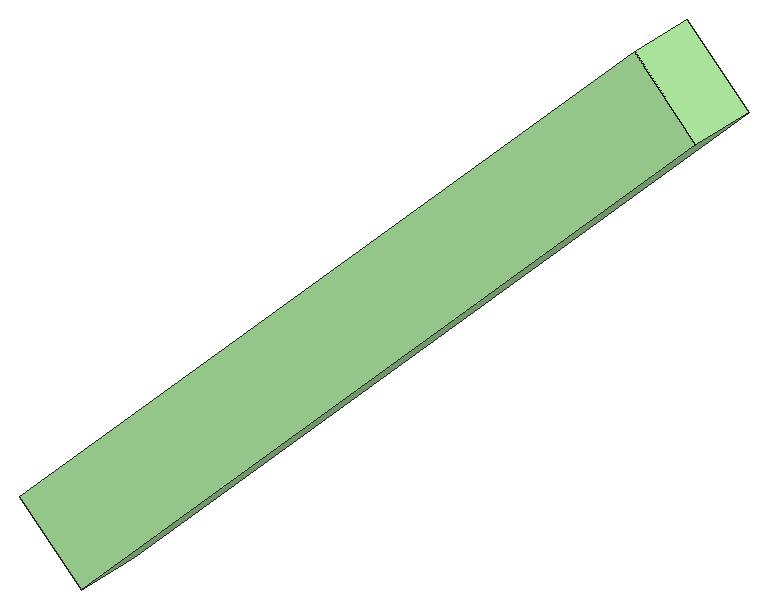
Revit family "ダクトサポート_不等辺山形鋼", category Generic Models, Revit 2023
Family settings
  Can host rebar = No
  Round Connector Dimension = Use Diameter
  Part Type = Normal
  Work Plane-Based = Yes
  Always vertical = No
  Cut with Voids When Loaded = No
  Maintain Annotation Orientation = No
  Shared = No
  Room Calculation Point = No
Parameters (values of type "L 100 x 75")
  高さ = 100 mm
  長辺 [instance] = 長さ  # 1000 mm
  長さ [instance] = 1000 mm
  部屋名 = ""
  角度 [instance] = 45.00°
  Default Elevation = 1219.2 mm
  構造マテリアル = E202_ダクトサポート
  幅 = 75 mm
Types (6, lengths in mm): name | 高さ | 幅
  L 100 x 75 | 100 | 75
  L 125 x 75 | 125 | 75
  L 125 x 90 | 125 | 90
  L 150 x 100 | 150 | 100
  L 150 x 90 | 150 | 90
  L 90 x 75 | 90 | 75
Reference planes
  plane 1 "中心(正面/背面)": y = 0
  plane 2: z = 0
  plane 3 "中心(左/右)": x = 0
Lines and regions (mm)
  reference lines
    curve 1: line (0, 0, 0) -> (848.528, 0, 848.528)
    curve 2: line (35.355, 0, -35.355) -> (-35.355, 0, 35.355)
    curve 3: line (742.462, 0, 671.751) -> (671.751, 0, 742.462)
Dimensions and locks
  equal spacing: curve 2, curve 1, curve 2
  "高さ": curve 2 to curve 2
  equal spacing: curve 3, curve 1, curve 3
  "高さ": curve 3 to curve 3
  "長さ": curve 2 to curve 3
  "角度": angle level to curve 1
  angle curve 2 to curve 1 = 90.00°
  angle curve 3 to curve 1 = 90.00°
  aligned and locked: level to plane 2
  aligned and locked: level to curve 1
  aligned and locked: plane 3 "中心(左/右)" to curve 1
  aligned and locked: curve 2 to nested 1
  aligned and locked: nested 1 to curve 1
Nested families
  nested 1: "グレーチング_不等辺山形鋼" at (-35.355, 0, 35.355) x (0, 1, 0) z (0.7071, 0, -0.7071), 長さ <- "長さ", type "L 90 x 75"
    with 長辺 1000 mm, 長さ 1000 mm, 高さ 100 mm
Definition of nested family "グレーチング_不等辺山形鋼"
  Parameters (values of type "L 125 x 75")
    高さ = 125 mm
    長辺 [instance] = 長さ  # 1000 mm
    長さ [instance] = 1000 mm
    部屋名 = ""
    Default Elevation = 1219.2 mm
    構造マテリアル = none
    幅 = 75 mm
  Types (6, lengths in mm): name | 高さ | 幅
    L 90 x 75 | 90 | 75
    L 100 x 75 | 100 | 75
    L 125 x 75 | 125 | 75
    L 125 x 90 | 125 | 90
    L 150 x 90 | 150 | 90
    L 150 x 100 | 150 | 100
  Reference planes
    plane 1 "中心(正面/背面)": y = 0
    plane 2: z = 0
    plane 3 "中心(左/右)": x = 0
    plane 4: z = 125
    plane 5: z = 62.5
  Forms (mm)
    Extrusion 1, solid, material <- "構造マテリアル"
      sketch origin (0, 0, 0) x (1, 0, 0) y (0, 1, 0)
        loop
          line (-37.5, 1000) -> (-37.5, 0) -> (37.5, 0) -> (37.5, 1000) -> (-37.5, 1000)
      from 0 to 125
  Lines and regions (mm)
    reference lines
      curve 1: line (37.5, 1000, 0) -> (-37.5, 1000, 0)
      curve 2: line (37.5, 0, 0) -> (-37.5, 0, 0)
  Dimensions and locks
    "長さ": curve 1 to curve 2
    "幅": Extrusion 1 to Extrusion 1
    equal spacing: Extrusion 1, plane 3 "中心(左/右)", Extrusion 1
    "幅": curve 1 to curve 1
    equal spacing: curve 1, plane 3 "中心(左/右)", curve 1
    "幅": curve 2 to curve 2
    equal spacing: curve 2, plane 3 "中心(左/右)", curve 2
    equal spacing: plane 4, plane 5, level
    "高さ": plane 4 to level
    aligned and locked: level to plane 2
    aligned and locked: Extrusion 1 to curve 2
    aligned and locked: curve 1 to Extrusion 1
    aligned and locked: plane 4 to Extrusion 1
  Automatic sketch dimensions
    Extrusion 1 sketch curve to plane 3 "中心(左/右)" = 37.5 mm
    plane 3 "中心(左/右)" to Extrusion 1 sketch curve = 37.5 mm
    plane 1 "中心(正面/背面)" to Extrusion 1 sketch curve = 0 mm
    Extrusion 1 sketch curve to plane 1 "中心(正面/背面)" = 1000 mm
    plane 1 "中心(正面/背面)" to curve 2 = 0 mm
